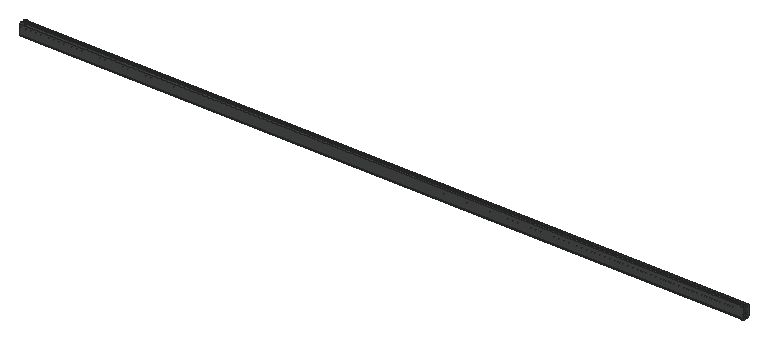
Revit family "AG_GM_AP5001", category Generic Models, Revit 2024
Family settings
  Can host rebar = No
  Round Connector Dimension = Use Diameter
  Part Type = Normal
  Work Plane-Based = No
  Always vertical = Yes
  Cut with Voids When Loaded = No
  Maintain Annotation Orientation = No
  Shared = No
  Room Calculation Point = No
Parameters (values of type "AP5001")
  Weight (g) [instance] = 367 * (Length / 1000)  # 734 mm
  Wall mounting [instance] = "30mm, 50mm, 70mm, 90mm, 120mm, 140mm, 160mm, 190mm, 240mm"
  Operation [instance] = "Manual"
  Min. radius for bends [instance] = "100mm"
  Milling (free hand shape) [instance] = "Yes"
  Max. load (kg) [instance] = if(Length < 1001 mm, 10, if(Length < 2001 mm, 12, if(Length < 3001 mm, 14, if(Length < 4001 mm, 16.5, if(Length < 5001 mm, 19, 22)))))  # 12
  Max. Length (mm) [instance] = "5900"
  Length [instance] = 2000 mm
  Distance between brackets [instance] = "700mm"
  Dimensions [instance] = "15,0 x 33,0 mm"
  Default Elevation = 0 mm
  Ceiling mounting [instance] = "3mm"
  CO2 emissions (kg) [instance] = 2.42 * ([Weight (g)] / 1000)  # 1.776 mm
  Bending [instance] = "Yes"
  Base color for object [instance] = "RGB(2,4,3)"
Reference planes
  plane 1 "Center (Front/Back)": y = 0
  plane 2: z = 0
  plane 3 "Center (Left/Right)": x = 0
Forms (mm)
  Sweep 1, solid, material "Black"
    path origin (0, 0, 0) x (1, 0, 0) y (0, 1, 0)
      loop
        line (0, 0) -> (2000, 0)
    profile "AG_P_AP5001 : AG_P_AP5001" origin (1000, 0, 0) x (0, 1, 0) y (0, 0, 1)
      loop
        arc (5.65, -24.7) -> (6.074, -24.524) -> (6.25, -24.1) r 0.6
        line (6.25, -24.1) -> (6.25, -14.9)
        arc (6.25, -14.9) -> (6.074, -14.476) -> (5.65, -14.3) r 0.6
        line (5.65, -14.3) -> (-5.65, -14.3)
        arc (-5.65, -14.3) -> (-6.074, -14.476) -> (-6.25, -14.9) r 0.6
        line (-6.25, -14.9) -> (-6.25, -24.1)
        arc (-6.25, -24.1) -> (-6.074, -24.524) -> (-5.65, -24.7) r 0.6
        line (-5.65, -24.7) -> (5.65, -24.7)
      loop
        arc (-5.65, -3) -> (-7.064, -3.586) -> (-7.65, -5) r 2
        line (-7.65, -5) -> (-7.65, -34)
        arc (-7.65, -34) -> (-7.064, -35.414) -> (-5.65, -36) r 2
        line (-5.65, -36) -> (-2.85, -36) -> (-2.85, -34.6) -> (-5.65, -34.6)
        arc (-5.65, -34.6) -> (-6.074, -34.424) -> (-6.25, -34) r 0.6
        line (-6.25, -34) -> (-6.25, -26.6)
        arc (-6.25, -26.6) -> (-6.074, -26.176) -> (-5.65, -26) r 0.6
        line (-5.65, -26) -> (5.65, -26)
        arc (5.65, -26) -> (6.074, -26.176) -> (6.25, -26.6) r 0.6
        line (6.25, -26.6) -> (6.25, -34)
        arc (6.25, -34) -> (6.074, -34.424) -> (5.65, -34.6) r 0.6
        line (5.65, -34.6) -> (2.85, -34.6) -> (2.85, -36) -> (5.65, -36)
        arc (5.65, -36) -> (7.064, -35.414) -> (7.65, -34) r 2
        line (7.65, -34) -> (7.65, -5)
        arc (7.65, -5) -> (7.064, -3.586) -> (5.65, -3) r 2
        line (5.65, -3) -> (2.85, -3) -> (2.85, -4.4) -> (5.65, -4.4)
        arc (5.65, -4.4) -> (6.074, -4.576) -> (6.25, -5) r 0.6
        line (6.25, -5) -> (6.25, -12.4)
        arc (6.25, -12.4) -> (6.074, -12.824) -> (5.65, -13) r 0.6
        line (5.65, -13) -> (-5.65, -13)
        arc (-5.65, -13) -> (-6.074, -12.824) -> (-6.25, -12.4) r 0.6
        line (-6.25, -12.4) -> (-6.25, -5)
        arc (-6.25, -5) -> (-6.074, -4.576) -> (-5.65, -4.4) r 0.6
        line (-5.65, -4.4) -> (-2.85, -4.4) -> (-2.85, -3) -> (-5.65, -3)
Dimensions and locks
  "Length": plane 3 "Center (Left/Right)" to Sweep 1 sketch curve
  aligned and locked: level to plane 2
  aligned and locked: plane 1 "Center (Front/Back)" to Sweep 1 sketch curve
  aligned and locked: plane 3 "Center (Left/Right)" to Sweep 1 sketch curve
